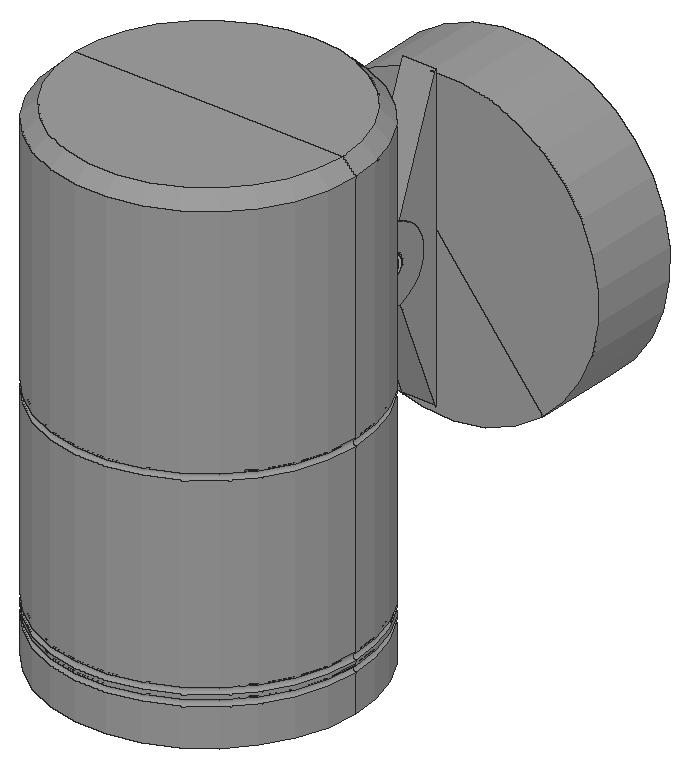
Revit family "LED WALL TUBE 03_LK0327WW.15", category Luminarias, Revit 2019
Family settings
  Cota de conector redondo = Diámetro de uso
  Tipo de pieza = Normal
  Se basa en plano de trabajo = Sí
  Siempre vertical = No
  Corte con vacíos al cargar = No
  Origen de luz = Sí
  Compartido = No
  Punto de cálculo de habitación = No
Parameters (values of type "LED WALL TUBE 03_LK0327WW.15")
  Ángulo de inclinación = 60.00°
  Ángulo de enfoque = 15.00°
  Ángulo de campo de foco = 15.00°
  Zone [instance] = ""
  Watt per fixture = 12.6
  Wattage = 12.6 W
  built-in parameter 1150107 = 3000 (stored number, unit not read)
  built-in parameter 1150110 = 1 (stored number, unit not read)
  built-in parameter 1150109 = 1 (stored number, unit not read)
  built-in parameter 1150112 = 1 (stored number, unit not read)
  built-in parameter 1150113 = 1 (stored number, unit not read)
  built-in parameter 1114218 = 1 (stored number, unit not read)
  Keynote = ""
  built-in parameter 1150137 = (empty or 0)
  built-in parameter 1150132 = (empty or 0)
  Modelo = "LK0327WW.15"
  Lámpara = "NICHIA"
  Longitud de símbolo de origen de luz = 500 mm
  built-in parameter 1150105 = 3196.3 (stored number, unit not read)
  built-in parameter 1150102 = (empty or 0)
  built-in parameter 1150106 = 31.963 (stored number, unit not read)
  Lumens = 955.962 lm
  Color Filter = 16777215
  built-in parameter 1114217 = 1 (stored number, unit not read)
  built-in parameter 1150139 = (empty or 0)
  Fabricante = "BRILLANT"
  Default Elevation = 0 mm
  built-in parameter 1150104 = 7.0486 (stored number, unit not read)
  Descripción = "LUMINARIA DIRIGIBLE (28 GRADOS POSITIVOS Y NEGATIVOS) TIPO ARBOTANTE, DE MATERIAL DE ALUMINIO FUNDIDO A PRESION, CUBIERTO CON POLVO GRIS OSCURO Y VIDRIO TEMPLADO DE 4MM CON UN PESO DE 1KG, CON 4 LED TIPO NICHIA CON UNA POTENCIA TOTAL DE 12.6W, 956 LUMENES, TEMPERATURA EN BLANCO CALIDO 3000K, IRC 80, IP 66, APERTURA DE  15 GRADOS POR PROYECTO, CORRIENTE DE OPERACIÓN 107mA, CABLE DE 2M, ALIMENTADO A 100-277VAC"
  built-in parameter 1150115 = 1 (stored number, unit not read)
  built-in parameter 1150114 = 1 (stored number, unit not read)
  Comentarios de vataje = "100-277V"
  built-in parameter 1150138 = (empty or 0)
  built-in parameter 1150134 = (empty or 0)
  Circuit [instance] = ""
  Dimming Lamp Color Temperature Shift = (empty or 0)
  built-in parameter 1150133 = 10 (stored number, unit not read)
Reference planes
  plane 1 "Centro (Frontal/Posterior)": y = 0
  plane 2: z = 0
  plane 3 "Centro (Izquierda/Derecha)": x = 0
Forms (mm)
  Revolve 1, solid, material "Cristal", not visible
    sketch origin (-152, 0, 0) x (0, 1, 0) y (0, 0, -1)
      loop
        line (0, -8.749) -> (0, -7.25) -> (-1.499, -7.25)
        arc (-1.499, -7.25) -> (-1.06, -8.31) -> (0, -8.749) r 1.499
      axis (0, -7.25) -> (-1.499, -7.25)
    angle from 0 to 360
  Revolve 2, solid, material "Cristal", not visible
    sketch origin (-136, 0, 0) x (0, 1, 0) y (0, 0, -1)
      loop
        line (0, -8.749) -> (0, -7.25) -> (-1.499, -7.25)
        arc (-1.499, -7.25) -> (-1.06, -8.31) -> (0, -8.749) r 1.499
      axis (0, -7.25) -> (-1.499, -7.25)
    angle from 0 to 360
  Revolve 3, solid, material "Cristal", not visible
    sketch origin (-120, 0, 0) x (0, 1, 0) y (0, 0, -1)
      loop
        line (0, -8.749) -> (0, -7.25) -> (-1.499, -7.25)
        arc (-1.499, -7.25) -> (-1.06, -8.31) -> (0, -8.749) r 1.499
      axis (0, -7.25) -> (-1.499, -7.25)
    angle from 0 to 360
  Revolve 4, solid, material "Cristal", not visible
    sketch origin (-104, 0, 0) x (0, 1, 0) y (0, 0, -1)
      loop
        line (0, -8.749) -> (0, -7.25) -> (-1.499, -7.25)
        arc (-1.499, -7.25) -> (-1.06, -8.31) -> (0, -8.749) r 1.499
      axis (0, -7.25) -> (-1.499, -7.25)
    angle from 0 to 360
  Revolve 5, solid, material "Cristal", not visible
    sketch origin (-88, 0, 0) x (0, 1, 0) y (0, 0, -1)
      loop
        line (0, -8.749) -> (0, -7.25) -> (-1.499, -7.25)
        arc (-1.499, -7.25) -> (-1.06, -8.31) -> (0, -8.749) r 1.499
      axis (0, -7.25) -> (-1.499, -7.25)
    angle from 0 to 360
  Revolve 6, solid, material "Cristal", not visible
    sketch origin (-72, 0, 0) x (0, 1, 0) y (0, 0, -1)
      loop
        line (0, -8.749) -> (0, -7.25) -> (-1.499, -7.25)
        arc (-1.499, -7.25) -> (-1.06, -8.31) -> (0, -8.749) r 1.499
      axis (0, -7.25) -> (-1.499, -7.25)
    angle from 0 to 360
  Revolve 7, solid, material "Cristal", not visible
    sketch origin (-56, 0, 0) x (0, 1, 0) y (0, 0, -1)
      loop
        line (0, -8.749) -> (0, -7.25) -> (-1.499, -7.25)
        arc (-1.499, -7.25) -> (-1.06, -8.31) -> (0, -8.749) r 1.499
      axis (0, -7.25) -> (-1.499, -7.25)
    angle from 0 to 360
  Revolve 8, solid, material "Cristal", not visible
    sketch origin (-40, 0, 0) x (0, 1, 0) y (0, 0, -1)
      loop
        line (0, -8.749) -> (0, -7.25) -> (-1.499, -7.25)
        arc (-1.499, -7.25) -> (-1.06, -8.31) -> (0, -8.749) r 1.499
      axis (0, -7.25) -> (-1.499, -7.25)
    angle from 0 to 360
  Revolve 9, solid, material "Cristal", not visible
    sketch origin (-24, 0, 0) x (0, 1, 0) y (0, 0, -1)
      loop
        line (0, -8.749) -> (0, -7.25) -> (-1.499, -7.25)
        arc (-1.499, -7.25) -> (-1.06, -8.31) -> (0, -8.749) r 1.499
      axis (0, -7.25) -> (-1.499, -7.25)
    angle from 0 to 360
  Revolve 10, solid, material "Cristal", not visible
    sketch origin (-8, 0, 0) x (0, 1, 0) y (0, 0, -1)
      loop
        line (0, -8.749) -> (0, -7.25) -> (-1.499, -7.25)
        arc (-1.499, -7.25) -> (-1.06, -8.31) -> (0, -8.749) r 1.499
      axis (0, -7.25) -> (-1.499, -7.25)
    angle from 0 to 360
  Revolve 11, solid, material "Cristal", not visible
    sketch origin (8, 0, 0) x (0, 1, 0) y (0, 0, -1)
      loop
        line (0, -8.749) -> (0, -7.25) -> (-1.499, -7.25)
        arc (-1.499, -7.25) -> (-1.06, -8.31) -> (0, -8.749) r 1.499
      axis (0, -7.25) -> (-1.499, -7.25)
    angle from 0 to 360
  Revolve 12, solid, material "Cristal", not visible
    sketch origin (24, 0, 0) x (0, 1, 0) y (0, 0, -1)
      loop
        line (0, -8.749) -> (0, -7.25) -> (-1.499, -7.25)
        arc (-1.499, -7.25) -> (-1.06, -8.31) -> (0, -8.749) r 1.499
      axis (0, -7.25) -> (-1.499, -7.25)
    angle from 0 to 360
  Revolve 13, solid, material "Cristal", not visible
    sketch origin (40, 0, 0) x (0, 1, 0) y (0, 0, -1)
      loop
        line (0, -8.749) -> (0, -7.25) -> (-1.499, -7.25)
        arc (-1.499, -7.25) -> (-1.06, -8.31) -> (0, -8.749) r 1.499
      axis (0, -7.25) -> (-1.499, -7.25)
    angle from 0 to 360
  Revolve 14, solid, material "Cristal", not visible
    sketch origin (56, 0, 0) x (0, 1, 0) y (0, 0, -1)
      loop
        line (0, -8.749) -> (0, -7.25) -> (-1.499, -7.25)
        arc (-1.499, -7.25) -> (-1.06, -8.31) -> (0, -8.749) r 1.499
      axis (0, -7.25) -> (-1.499, -7.25)
    angle from 0 to 360
  Revolve 15, solid, material "Cristal", not visible
    sketch origin (72, 0, 0) x (0, 1, 0) y (0, 0, -1)
      loop
        line (0, -8.749) -> (0, -7.25) -> (-1.499, -7.25)
        arc (-1.499, -7.25) -> (-1.06, -8.31) -> (0, -8.749) r 1.499
      axis (0, -7.25) -> (-1.499, -7.25)
    angle from 0 to 360
  Revolve 16, solid, material "Cristal", not visible
    sketch origin (88, 0, 0) x (0, 1, 0) y (0, 0, -1)
      loop
        line (0, -8.749) -> (0, -7.25) -> (-1.499, -7.25)
        arc (-1.499, -7.25) -> (-1.06, -8.31) -> (0, -8.749) r 1.499
      axis (0, -7.25) -> (-1.499, -7.25)
    angle from 0 to 360
  Revolve 17, solid, material "Cristal", not visible
    sketch origin (104, 0, 0) x (0, 1, 0) y (0, 0, -1)
      loop
        line (0, -8.749) -> (0, -7.25) -> (-1.499, -7.25)
        arc (-1.499, -7.25) -> (-1.06, -8.31) -> (0, -8.749) r 1.499
      axis (0, -7.25) -> (-1.499, -7.25)
    angle from 0 to 360
  Revolve 18, solid, material "Cristal", not visible
    sketch origin (120, 0, 0) x (0, 1, 0) y (0, 0, -1)
      loop
        line (0, -8.749) -> (0, -7.25) -> (-1.499, -7.25)
        arc (-1.499, -7.25) -> (-1.06, -8.31) -> (0, -8.749) r 1.499
      axis (0, -7.25) -> (-1.499, -7.25)
    angle from 0 to 360
  Revolve 19, solid, material "Cristal", not visible
    sketch origin (136, 0, 0) x (0, 1, 0) y (0, 0, -1)
      loop
        line (0, -8.749) -> (0, -7.25) -> (-1.499, -7.25)
        arc (-1.499, -7.25) -> (-1.06, -8.31) -> (0, -8.749) r 1.499
      axis (0, -7.25) -> (-1.499, -7.25)
    angle from 0 to 360
  Revolve 20, solid, material "Cristal", not visible
    sketch origin (152, 0, 0) x (0, 1, 0) y (0, 0, -1)
      loop
        line (0, -8.749) -> (0, -7.25) -> (-1.499, -7.25)
        arc (-1.499, -7.25) -> (-1.06, -8.31) -> (0, -8.749) r 1.499
      axis (0, -7.25) -> (-1.499, -7.25)
    angle from 0 to 360
  Revolve 21, solid, material "Aluminio"
    sketch origin (0, -91.494, 128.923) x (-1, 0, 0) y (0, 0, 1)
      loop
        line (0, 0) -> (-34.861, 0) -> (-38.427, -3.566) -> (-38.427, -64.797)
        arc (-38.427, -64.797) -> (-37.584, -65.639) -> (-38.427, -66.482) r 0.843
        line (-38.427, -66.482) -> (-38.427, -114.797)
        arc (-38.427, -114.797) -> (-37.584, -115.639) -> (-38.427, -116.482) r 0.843
        line (-38.427, -116.482) -> (-38.427, -117.609)
        arc (-38.427, -117.609) -> (-37.584, -118.452) -> (-38.427, -119.294) r 0.843
        line (-38.427, -119.294) -> (-38.427, -128.923) -> (-33.427, -128.923) -> (-30.991, -126.487) -> (-30.991, -120.325) -> (0, -120.325) -> (0, 0)
      axis (0, 0) -> (0, -128.923)
    angle from 0 to 360
  Revolve 22, solid, material "Aluminio"
    sketch origin (31.278, 0, 38.261) x (-0.62932, 0, 0.777146) y (0, -1, 0)
      loop
        line (78.411, 0) -> (78.411, 23) -> (38.411, 23) -> (38.411, 18) -> (77.004, 18) -> (77.004, 0) -> (78.411, 0)
      axis (38.411, 23) -> (38.411, 0)
    angle from 0 to 360
  Extrusion 23, solid, material "Aluminio"
    sketch origin (-1.9, 0, 18.891) x (0, 0, 1) y (0, -1, 0)
      loop
        circle (50.065, 37.838) r 10
      loop
        circle (50.065, 37.838) r 3.259
    from -3.1 to 6.9
  Extrusion 24, solid, material "Aluminio"
    sketch origin (-19.671, 0, 12.598) x (0, 0, 1) y (0, -1, 0)
      loop
        line (95.803, 22.75) -> (63.583, 35.658) -> (63.583, 40.158) -> (95.803, 53.733) -> (16.913, 53.733) -> (49.133, 40.158) -> (49.133, 35.658) -> (16.913, 22.75) -> (95.803, 22.75)
    from 15.32 to 24.022
  Extrusion 25, solid, material "Cristal"
    sketch origin (0, 0, 0) x (1, 0, 0) y (0, 1, 0)
      loop
        circle (0, -91.494) r 30.991
    from 2.436 to 2.939
  Extrusion 26, solid, material "Acero Inoxidable"
    sketch origin (-5.692, 0, 17.549) x (0, 0, 1) y (0, -1, 0)
      loop
        circle (51.408, 37.838) r 2.844
      loop
        line (53.768, 37.838) -> (52.588, 39.882) -> (50.227, 39.882) -> (49.047, 37.838) -> (50.227, 35.794) -> (52.588, 35.794) -> (53.768, 37.838)
    from 0.692 to 10.692
Dimensions and locks
  equal spacing: Extrusion 24, plane 3 "Centro (Izquierda/Derecha)", Extrusion 24
  equal spacing: Extrusion 23, plane 3 "Centro (Izquierda/Derecha)", Extrusion 23
  aligned and locked: level to plane 2
Automatic sketch dimensions
  plane 1 "Centro (Frontal/Posterior)" to Revolve 22 sketch curve = 0 mm
  plane 1 "Centro (Frontal/Posterior)" to Revolve 22 sketch curve = 18 mm
  Revolve 22 sketch curve to Revolve 22 sketch curve = 38.593 mm
  Revolve 22 sketch curve to Revolve 22 sketch curve = 1.407 mm
  Revolve 22 sketch curve to Revolve 22 sketch curve = 5 mm
  Revolve 22 sketch curve to Revolve 22 sketch curve = 0 mm  (x2)
  Revolve 22 sketch curve to plane 1 "Centro (Frontal/Posterior)" = 17 mm
  Extrusion 23 sketch curve to Extrusion 23 sketch curve = 0 mm  (x2)
  level to Extrusion 23 sketch curve = 68.956 mm
  plane 1 "Centro (Frontal/Posterior)" to Extrusion 23 sketch curve = 37.838 mm
  level to Extrusion 24 sketch curve = 29.511 mm  (x2)
  Extrusion 24 sketch curve to Extrusion 24 sketch curve = 32.221 mm  (x2)
  Extrusion 24 sketch curve to Extrusion 24 sketch curve = 14.449 mm
  plane 1 "Centro (Frontal/Posterior)" to Extrusion 24 sketch curve = 53.733 mm
  plane 1 "Centro (Frontal/Posterior)" to Extrusion 24 sketch curve = 22.75 mm
  Extrusion 24 sketch curve to Extrusion 24 sketch curve = 0 mm  (x2)
  Extrusion 24 sketch curve to Extrusion 24 sketch curve = 12.908 mm
  Extrusion 24 sketch curve to Extrusion 24 sketch curve = 4.501 mm  (x2)
  Extrusion 25 sketch curve to plane 3 "Centro (Izquierda/Derecha)" = 0 mm
  plane 1 "Centro (Frontal/Posterior)" to Extrusion 25 sketch curve = 91.494 mm
  Revolve 21 sketch curve to level = 0 mm
  Revolve 21 sketch curve to plane 3 "Centro (Izquierda/Derecha)" = 0 mm  (x2)
  level to Revolve 21 sketch curve = 2.436 mm
  plane 3 "Centro (Izquierda/Derecha)" to Revolve 21 sketch curve = 30.991 mm
  Revolve 21 sketch curve to Revolve 21 sketch curve = 2.436 mm
  Revolve 21 sketch curve to Revolve 21 sketch curve = 34.861 mm
  plane 3 "Centro (Izquierda/Derecha)" to Revolve 21 sketch curve = 38.427 mm
  level to Revolve 21 sketch curve = 8.598 mm
  Revolve 21 sketch curve to Revolve 21 sketch curve = 1.031 mm
  Revolve 21 sketch curve to Revolve 21 sketch curve = 0.843 mm  (x3)
  Revolve 21 sketch curve to Revolve 21 sketch curve = 1.127 mm
  Revolve 21 sketch curve to Revolve 21 sketch curve = 48.315 mm
  Revolve 21 sketch curve to Revolve 21 sketch curve = 61.231 mm
  Revolve 21 sketch curve to Revolve 21 sketch curve = 3.566 mm
  Revolve 21 sketch curve to level = 76.402 mm
  Revolve 21 sketch curve to Revolve 21 sketch curve = 0 mm
  level to Extrusion 26 sketch curve = 68.956 mm
  plane 1 "Centro (Frontal/Posterior)" to Extrusion 26 sketch curve = 37.838 mm
  radius of Extrusion 23 sketch curve = 10 mm
  radius of Extrusion 23 sketch curve = 3.259 mm
  radius of Extrusion 25 sketch curve = 30.991 mm
  radius of Extrusion 26 sketch curve = 2.844 mm
Connectors
  electrical at (7.105, 0, 68.112)
    settings: on Revolve 22, index 1, voltage 277 V, apparent load 0 VA, apparent load phase1 0 VA, apparent load phase2 0 VA, apparent load phase3 0 VA, power factor 1, load classification "Otro", number of poles 1, system type 31, power factor state 1, is connector primary yes, connector utility no, sub classification motor no, connector description ""
